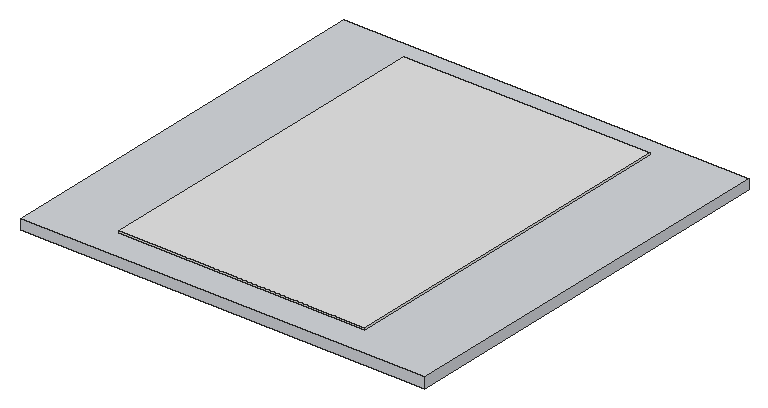
Revit family "26752", category Aparatos sanitarios, Revit 2017
Family settings
  Anfitrión = Cara
  Cota de conector redondo = Diámetro de uso
  Tipo de pieza = Normal
  Número OmniClass = 23.45.55.14
  Título OmniClass = Single Faucets
  Corte con vacíos al cargar = No
  Compartido = No
  Punto de cálculo de habitación = No
Parameters (values of type "26752")
  URL = "http://www.griferiasgalindo.com"
  Teléfono = "(+34) 915 782 575"
  TIPO DE AGUA = "Fria"
  REFERENCIA = "26752"
  Presión Máxima = "8 bar"
  PESO BRUTO = "1,100 Kg"
  Modelo = "PRESTO XT 2000 - UE Blanco"
  Material = LATON CROMADO
  Imagen de tipo = <Ninguno>
  Fabricante = "PRESTO IBÉRICA"
  Default Elevation = 1219.2 mm
  ENTRADA = "Con latiguillos flexibles de 1/2\""
  Descripción = "Grifo temporalizado de un agua para instalación mural y apertura por pulsador."
  Código de montaje = "C1030220"
  Contacto = "info@prestoiberica.com"
  Conexión AF = yes
  Conexión AC = no
  Comentarios de tipo = "Cuerpo y pulsador en latón. Piezas inferiores en matieriales resistentes a la corrosión e incrustaciones calcáreas. Cabeza intercambiable.Suministrado con llave de paso y caja para empotrar, latiguillos flexibles en acero inoxidable de  1/2\". Caudal regulabre en función de la presión."
  CIERRE = "Automático en 6 seg."
  CAUDAL = "15 l/min"
  Accionamiento = "Mediante pulsador"
Reference planes
  plane 1 "Centro (Frontal/Posterior)": y = 0
  plane 2: z = 0
  plane 3 "Centro (Izquierda/Derecha)": x = 0
Forms (mm)
  Extrusion 1, solid
    sketch origin (0, 0, 0) x (1, 0, 0) y (0, 1, 0)
      loop
        line (-100, 100) -> (-100, -100) -> (100, -100) -> (100, 100) -> (-100, 100)
    from 0 to -5
  Extrusion 2, solid, material "LATON CROMADO"
    sketch origin (0, 0, 2) x (0, 1, 0) y (-1, 0, 0)
      loop
        line (-88, 61) -> (-88, -61) -> (88, -61) -> (88, 61) -> (-88, 61)
    from 0 to 1
Dimensions and locks
  Extrusion 1 sketch curve to plane 1 "Centro (Frontal/Posterior)" = 100 mm
  aligned and locked: plane 2 to Extrusion 1
  aligned and locked: level to Extrusion 1
  aligned and locked: Extrusion 2 sketch curve to import instance  (x4)
Connectors
  piping at (0, 69.2, -42.5), diameter 12.7
    settings: on import instance, index 1, connector inside diameter 609.6 mm, connector length 0 mm, flow factor 0, pipe flow 0.0 L/s, pressure drop 0.0 Pa, fitting loss kfactor 0, connector angle 0.00°, fixture units 0, engagement length 0 mm, angle of deflection 0.00°, flow configuration 0, flow direction 1, fitting loss method 0, system type 20, joint type 0, gender type 0, connector reference index -1, connector utility 0, adjustable connector no, is connector primary yes, connector description ""
